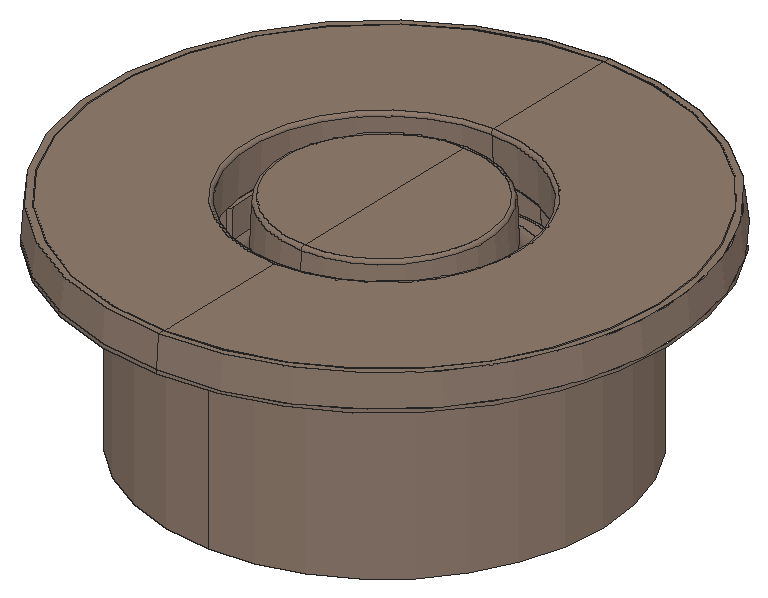
Revit family "Drain_Floor_Ligature_Resistant_Zurn-Z400LR", category Plumbing Fixtures, Revit 2022
Family settings
  Round Connector Dimension = Use Radius
  Part Type = Normal
  OmniClass Number = 23.70.00.00
  OmniClass Title = Waste Management
  Work Plane-Based = No
  Always vertical = Yes
  Cut with Voids When Loaded = No
  Maintain Annotation Orientation = No
  Shared = No
  Room Calculation Point = No
Parameters (values of type "ZN400-5LR")
  Width = 5.000"
  URL = "www.zurn.com"
  Type Comments = "ZN400-5LR"
  Product data url = "https://www.bimobject.com/en-us/zurnindustries/product/Z400-LR"
  Product Page URL = "https://www.zurn.com/products/drainage-interceptors/floor-drains/ligature-resistant-drains/z400-lr"
  Product Installation Sheet URL = ""
  Product Documentation Link = "https://files.zurn.com/spec-sheets/z400lr.pdf"
  Modified Date = ""
  Model = "Z400LR"  # constant formula
  Manufacurer Brand = "Zurn"  # constant formula
  Manufacturer = "Zurn Water, LLC"  # constant formula
  Main Material = Nickel Bronze - Zurn Industries LLC - Polished
  Height = 2.000"
  Half_Width = Width / 2  # 2.500"
  Description = "TYPE LR ROUND LIGATURE RESISTANT STRAINER TOP"  # constant formula
  Default Elevation = 0.000"
  Date Created = "Sept 25, 2025"  # constant formula
  Assembly Code = "D2030300"
  Approx. Weight (Lbs) = 0.000"
Types (5): name | Width | Type Comments | Main Material | Height | Half_Width
  (no name) | 5.000" | "ZN400-5LR" | Nickel Bronze - Zurn Industries LLC - Polished | 2.000" | 2.500"
  ZN400-5LR | 5.000" | "ZN400-5LR" | Nickel Bronze - Zurn Industries LLC - Polished | 2.000" | 2.500"
  ZN400-6LR | 6.000" | "ZN400-6LR" | Nickel Bronze - Zurn Industries LLC - Polished | 2.250" | 3.000"
  ZS400-5LR | 5.000" | "ZS400-5LR" | Steel - Zurn - Stainless 304 | 2.000" | 2.500"
  ZS400-6LR | 6.000" | "ZS400-6LR" | Steel - Zurn - Stainless 304 | 2.250" | 3.000"
Reference planes (in)
  plane 1 "Center (Front/Back)": y = 0
  plane 2: z = 0
  plane 3 "Center (Left/Right)": x = 0
  plane 4: y = 2.5
  plane 5: z = -2
  plane 6: y = -2.5
  plane 7: z = -0.5
Forms (in)
  Revolve 1, solid, material "Nickel Bronze - Zurn Industries LLC - Polished" <- "Main Material", detail levels fine
    sketch origin (0, 0, 0) x (0, 1, 0) y (0, 0, 1)
      loop
        line (2.20989, -0.3125) -> (2.315, -0.3125) -> (2.59375, -0.3125) -> (2.59375, -0.2812) -> (2.56255, 0) -> (2.50781, 0) -> (2.50781, -0.125) -> (2.13281, -0.125) -> (1.75101, -0.50681) -> (1.84375, -2) -> (2, -2) -> (2, -0.5) -> (2.08407, -0.45624) -> (2.15873, -0.45624) -> (2.16206, -0.36092) -> (2.185, -0.33798) -> (2.20989, -0.3125)
      axis (0, 0) -> (0, -2)
    angle from 0 to 360
  Revolve 2, solid, material "Nickel Bronze - Zurn Industries LLC - Polished" <- "Main Material", detail levels fine
    sketch origin (0, 0, 0) x (0, 1, 0) y (0, 0, 1)
      loop
        line (1.65731, -0.125) -> (2.5, -0.125) -> (2.5, 0) -> (1.25161, 0)
        arc (1.25161, 0) -> (1.22985, -0.00935) -> (1.22165, -0.03157) r 0.03
        line (1.22165, -0.03157) -> (1.241, -0.40076)
        arc (1.241, -0.40076) -> (1.26086, -0.42215) -> (1.28394, -0.44) r 0.17782
        line (1.28394, -0.44) -> (1.318, -0.44) -> (1.47768, -0.44)
        arc (1.47768, -0.44) -> (1.52468, -0.39539) -> (1.55257, -0.3369) r 0.17782
        line (1.55257, -0.3369) -> (1.59694, -0.17132)
        arc (1.59694, -0.17132) -> (1.61926, -0.13792) -> (1.65731, -0.125) r 0.0625
      axis (0, 0) -> (0, -0.44)
    angle from 0 to 360
  Revolve 3, solid, material "Nickel Bronze - Zurn Industries LLC - Polished" <- "Main Material", detail levels fine
    sketch origin (0, 0, 0) x (0, 1, 0) y (0, 0, 1)
      loop
        arc (-0.91067, 0) -> (-0.93132, -0.00824) -> (-0.94063, -0.02843) r 0.03
        line (-0.94063, -0.02843) -> (-0.95905, -0.37994)
        arc (-0.95905, -0.37994) -> (-1.05504, -0.60071) -> (-1.27232, -0.70435) r 0.3437
        line (-1.27232, -0.70435) -> (-1.38009, -0.71378)
        arc (-1.38009, -0.71378) -> (-1.4205, -0.73358) -> (-1.43714, -0.7754) r 0.0625
        arc (-1.43714, -0.7754) -> (-1.42115, -0.82336) -> (-1.37491, -0.8438) r 0.0625
        line (-1.37491, -0.8438) -> (-1.29495, -0.8438)
        arc (-1.29495, -0.8438) -> (-0.97232, -0.71508) -> (-0.82689, -0.39963) r 0.4687
        line (-0.82689, -0.39963) -> (-0.8156, -0.18423)
        arc (-0.8156, -0.18423) -> (-0.79621, -0.14216) -> (-0.75319, -0.125) r 0.0625
        line (-0.75319, -0.125) -> (0, -0.125) -> (0, 0) -> (-0.91067, 0)
      axis (0, 0) -> (0, -0.8438)
    angle from 0 to 360
  Extrusion 4, solid, material "Nickel Bronze - Zurn Industries LLC - Polished" <- "Main Material", detail levels fine
    sketch origin (0, 0, 0) x (1, 0, 0) y (0, 1, 0)
      loop
        arc (1.22104, 0.19437) -> (1.23642, 0) -> (1.22104, -0.19437) r 1.23642
        line (1.22104, -0.19437) -> (1.24938, -0.23118) -> (1.3576, -0.23167) -> (1.45194, -0.23675) -> (1.50168, -0.23675) -> (1.53255, -0.20982)
        arc (1.53255, -0.20982) -> (1.54685, 0) -> (1.53255, 0.20982) r 1.54685
        line (1.53255, 0.20982) -> (1.50168, 0.23675) -> (1.45194, 0.23675) -> (1.3576, 0.23167) -> (1.24938, 0.23118) -> (1.22104, 0.19437)
      loop
        line (-1.22104, 0.19437) -> (-1.24938, 0.23118) -> (-1.3576, 0.23167) -> (-1.45194, 0.23675) -> (-1.50168, 0.23675) -> (-1.53255, 0.20982)
        arc (-1.53255, 0.20982) -> (-1.54685, 0) -> (-1.53255, -0.20982) r 1.54685
        line (-1.53255, -0.20982) -> (-1.50168, -0.23675) -> (-1.45194, -0.23675) -> (-1.3576, -0.23167) -> (-1.24938, -0.23118) -> (-1.22104, -0.19437)
        arc (-1.22104, -0.19437) -> (-1.23642, 0) -> (-1.22104, 0.19437) r 1.23642
    from -0.84477 to -0.44
Lines and regions (in)
  model lines, detail levels coarse+medium
    curve 1: circle (0, 0, 0) r 2.5 normal (0, 0, 1)
    curve 2: line (0, 0, 0) -> (0, 0, -2)
Dimensions and locks (in)
  "Half_Width": plane 1 "Center (Front/Back)" to plane 4
  "Height": level to plane 5
  "Width": plane 6 to plane 4
  locked: level to plane 7 at 0.5
  locked: plane 4 to Revolve 1 sketch curve at 0.00781
  locked: level to Revolve 2 sketch curve at 0.125
  locked: Revolve 1 to Revolve 2 sketch curve at 0.44
  locked: Revolve 2 sketch curve to Revolve 2 sketch curve at 1.22165
  locked: Revolve 3 sketch curve to plane 1 "Center (Front/Back)" at 0.94063
  locked: Revolve 3 sketch curve to plane 1 "Center (Front/Back)" at 1.43714
  locked: Revolve 1 to Revolve 2 at 0.125
  locked: Revolve 1 to Revolve 3 sketch curve at 0.71378
  locked: level to Revolve 2 at 0.125
  locked: Revolve 1 sketch curve to Revolve 1 sketch curve at 2.13281
  locked: Revolve 1 sketch curve to Revolve 1 sketch curve at 1.75101
  locked: Revolve 1 sketch curve to Revolve 1 sketch curve at 1.84375
  locked: Revolve 1 sketch curve to Revolve 1 sketch curve at 2.15873
  locked: Revolve 1 sketch curve to Revolve 1 sketch curve at 0.1875
  locked: plane 4 to Revolve 1 sketch curve at 0.06255
  aligned and locked: plane 2 to level
  aligned and locked: plane 1 "Center (Front/Back)" to Revolve 1 sketch curve
  aligned and locked: plane 1 "Center (Front/Back)" to Revolve 2 sketch curve
  aligned and locked: plane 1 "Center (Front/Back)" to Revolve 3 sketch curve
  aligned and locked: plane 4 to Revolve 2 sketch curve
  aligned and locked: Extrusion 4 to Revolve 2
  aligned and locked: plane 5 to Revolve 1
  aligned and locked: plane 3 "Center (Left/Right)" to curve 1
  aligned and locked: plane 1 "Center (Front/Back)" to curve 1
  aligned and locked: plane 5 to curve 2
  aligned and locked: level to curve 2
  aligned and locked: plane 1 "Center (Front/Back)" to curve 2
  aligned and locked: level to Revolve 1
Automatic sketch dimensions
  Revolve 3 sketch curve to level = 0.000"
  Revolve 3 sketch curve to plane 1 "Center (Front/Back)" = 0.000"
  Revolve 3 sketch curve to level = 0.125"
  Revolve 3 sketch curve to level = 0.18423"
  Revolve 3 sketch curve to Revolve 3 sketch curve = 0.06241"
  Revolve 3 sketch curve to level = 0.39963"
  Revolve 3 sketch curve to Revolve 3 sketch curve = 0.01129"
  Revolve 3 sketch curve to level = 0.030"
  Revolve 3 sketch curve to Revolve 3 sketch curve = 0.09506"
  Revolve 3 sketch curve to level = 0.02843"
  Revolve 3 sketch curve to level = 0.37994"
  Revolve 3 sketch curve to Revolve 3 sketch curve = 0.13215"
  Revolve 3 sketch curve to Revolve 3 sketch curve = 0.02263"
  Revolve 3 sketch curve to Revolve 3 sketch curve = 0.00733"
  Revolve 3 sketch curve to Revolve 3 sketch curve = 0.07969"
  Revolve 3 sketch curve to Revolve 3 sketch curve = 0.00028"
  Revolve 3 sketch curve to Revolve 3 sketch curve = 0.00545"
  Revolve 3 sketch curve to Revolve 3 sketch curve = 0.00943"
  Revolve 3 sketch curve to Revolve 3 sketch curve = 0.06226"
  Revolve 3 sketch curve to Revolve 3 sketch curve = 0.00526"
  Revolve 3 sketch curve to Revolve 3 sketch curve = 0.0625"
  Revolve 3 sketch curve to Revolve 3 sketch curve = 0.6482"
  Revolve 3 sketch curve to Revolve 3 sketch curve = 0.06006"
  Revolve 2 sketch curve to Revolve 2 sketch curve = 0.000"  (x2)
  Revolve 2 sketch curve to level = 0.000"
  Revolve 2 sketch curve to level = 0.03157"
  plane 7 to Revolve 2 sketch curve = 0.09924"
  Revolve 2 sketch curve to Revolve 2 sketch curve = 0.01935"
  Revolve 2 sketch curve to level = 0.030"
  Revolve 2 sketch curve to Revolve 2 sketch curve = 0.04294"
  Revolve 2 sketch curve to Revolve 2 sketch curve = 0.03406"
  Revolve 2 sketch curve to Revolve 2 sketch curve = 0.06281"
  Revolve 2 sketch curve to Revolve 2 sketch curve = 0.15968"
  Revolve 2 sketch curve to Revolve 2 sketch curve = 0.07489"
  Revolve 2 sketch curve to Revolve 2 sketch curve = 0.04437"
  Revolve 2 sketch curve to Revolve 2 sketch curve = 0.06037"
  Revolve 2 sketch curve to Revolve 2 sketch curve = 0.01618"
  Revolve 2 sketch curve to plane 5 = 0.27924"
  level to Revolve 2 sketch curve = 0.41035"
  Extrusion 4 sketch curve to Extrusion 4 sketch curve = 0.000"  (x12)
  plane 1 "Center (Front/Back)" to Extrusion 4 sketch curve = 0.000"
  Extrusion 4 sketch curve to plane 3 "Center (Left/Right)" = 0.000"
  Extrusion 4 sketch curve to plane 1 "Center (Front/Back)" = 0.19437"  (x2)
  Extrusion 4 sketch curve to plane 3 "Center (Left/Right)" = 1.22104"
  plane 1 "Center (Front/Back)" to Extrusion 4 sketch curve = 0.19437"  (x2)
  Extrusion 4 sketch curve to plane 1 "Center (Front/Back)" = 0.23118"  (x2)
  Extrusion 4 sketch curve to Extrusion 4 sketch curve = 0.02834"  (x4)
  plane 1 "Center (Front/Back)" to Extrusion 4 sketch curve = 0.23118"  (x2)
  Extrusion 4 sketch curve to plane 1 "Center (Front/Back)" = 0.23167"  (x2)
  Extrusion 4 sketch curve to Extrusion 4 sketch curve = 0.10821"  (x4)
  plane 1 "Center (Front/Back)" to Extrusion 4 sketch curve = 0.23167"  (x2)
  Extrusion 4 sketch curve to plane 1 "Center (Front/Back)" = 0.23675"
  Extrusion 4 sketch curve to Extrusion 4 sketch curve = 0.09435"  (x4)
  plane 1 "Center (Front/Back)" to Extrusion 4 sketch curve = 0.23675"
  Extrusion 4 sketch curve to Extrusion 4 sketch curve = 0.04974"  (x4)
  Extrusion 4 sketch curve to plane 1 "Center (Front/Back)" = 0.20982"  (x2)
  Extrusion 4 sketch curve to Extrusion 4 sketch curve = 0.03087"  (x2)
  plane 1 "Center (Front/Back)" to Extrusion 4 sketch curve = 0.20982"  (x2)
  plane 3 "Center (Left/Right)" to Extrusion 4 sketch curve = 1.22104"
  Extrusion 4 sketch curve to Extrusion 4 sketch curve = 0.02693"  (x2)
  Revolve 1 sketch curve to plane 5 = 0.000"
  Revolve 1 sketch curve to level = 0.000"
  Revolve 1 sketch curve to Revolve 1 sketch curve = 0.08407"
  Revolve 1 sketch curve to level = 0.125"
  Revolve 1 sketch curve to Revolve 1 sketch curve = 0.04874"
  Revolve 1 sketch curve to Revolve 1 sketch curve = 0.00333"
  Revolve 1 sketch curve to Revolve 1 sketch curve = 0.02294"  (x2)
  Revolve 1 sketch curve to Revolve 1 sketch curve = 0.02489"
  Revolve 1 sketch curve to Revolve 1 sketch curve = 0.10511"
  plane 4 to Revolve 1 sketch curve = 0.09375"
  Revolve 1 sketch curve to Revolve 1 sketch curve = 0.00681"
  Revolve 1 sketch curve to Revolve 1 sketch curve = 0.04376"
  Revolve 1 sketch curve to Revolve 1 sketch curve = 0.09532"
  Revolve 1 sketch curve to Revolve 1 sketch curve = 0.02548"
  Revolve 1 sketch curve to Revolve 1 sketch curve = 0.0313"
  Revolve 1 sketch curve to plane 5 = 1.46875"
  level to Revolve 1 sketch curve = 0.28125"
  radius of curve 1 = 2.500"
Connectors (in)
  piping at (0, 0, -2), diameter 3.5
    settings: on Revolve 1, index 1, connector inside diameter 24", connector length 0.000", flow factor 0, pipe flow 0 GPM, pressure drop 0.00 psi, fitting loss kfactor 0, connector angle 0.00°, fixture units 0, engagement length 0.000", angle of deflection 0.00°, flow configuration 0, flow direction 2, fitting loss method 0, system type 16, joint type 0, gender type 0, connector reference index -1, connector utility 0, adjustable connector no, is connector primary yes, connector description ""
